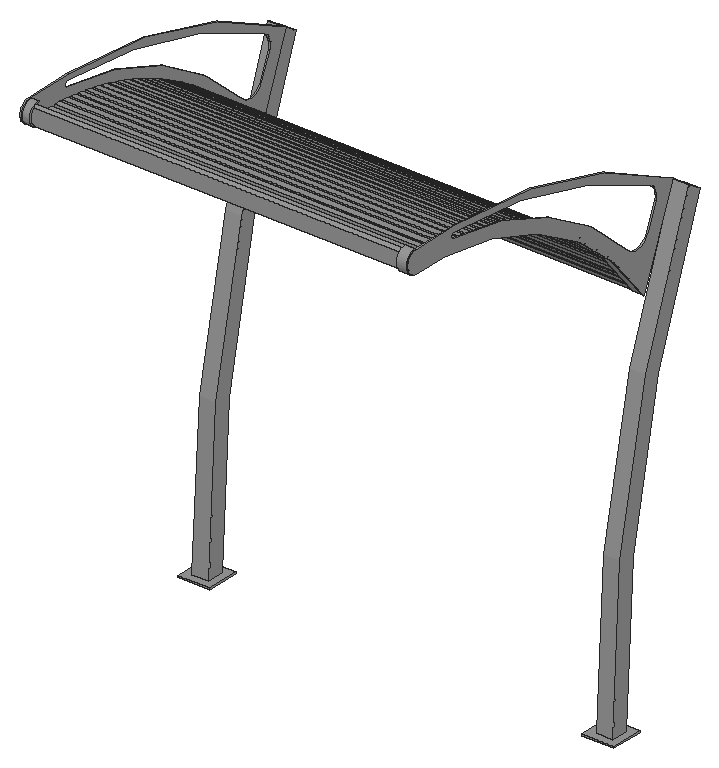
Revit family "Пергола «Волна» Арт 13020", category Антураж, Revit 2018
Family settings
  На основе рабочей плоскости = Нет
  Всегда вертикально = Да
  При загрузке вырезать с полостями = Нет
  Источник визуального образа = Геометрия семейства
  Общий = Нет
  Точка расчета площади = Нет
Parameters (values of type "Пергола «Волна»")
  Ширина = 2130 mm  # constant formula
  Цвет отделки = Дерево
  Цвет каркаса = Сталь
  Описание = "Пергола «Волна»"  # constant formula
  Материал изделия = "Сталь, дерево"  # constant formula
  Изображение типоразмера = Пергола «Волна» Арт 13020.png
  Изготовитель = "ООО «Хоббика»"  # constant formula
  Длина = 2600 mm  # constant formula
  Группа модели = "Навесы, перголы и ротонды"  # constant formula
  Высота = 3300 mm  # constant formula
  Артикул товара = "Арт. 13020"  # constant formula
  URL = "https://hobbyka.ru/product/pergola_volna/"
Reference planes
  plane 1 "По центру (Вперед/Назад)": y = 0
  plane 2: z = 0
  plane 3 "По центру (Влево/Вправо)": x = 0
  plane 4: y = 2130
  plane 5: x = 2600
  plane 6: z = 3300
Forms (mm)
  Extrusion 1, solid, material "Сталь" <- "Цвет каркаса"
    sketch origin (0, 0, 0) x (0, 1, 0) y (0, 0, 1)
      loop
        arc (2130, 2769.769) -> (2087.634, 2797.357) -> (2044.836, 2824.27) r 3188.561
        arc (2044.836, 2824.27) -> (1597.297, 1444.13) -> (1457.41, 0) r 6699.042
        line (1457.41, 0) -> (1557.418, 0)
        arc (1557.418, 0) -> (1693.575, 1415.921) -> (2130, 2769.769) r 6599.042
    from 0 to 100
  Extrusion 2, solid, material "Сталь" <- "Цвет каркаса"
    sketch origin (0, 0, 0) x (0, 1, 0) y (0, 0, 1)
      loop
        line (1457.41, 0) -> (1557.418, 0)
        arc (1557.418, 0) -> (1693.575, 1415.921) -> (2130, 2769.769) r 6599.042
        arc (2130, 2769.769) -> (2087.634, 2797.357) -> (2044.836, 2824.27) r 3188.561
        arc (2044.836, 2824.27) -> (1597.297, 1444.13) -> (1457.41, 0) r 6699.042
    from 2500 to 2600
  Extrusion 3, solid, material "Сталь" <- "Цвет каркаса"
    sketch origin (0, 0, 0) x (0, 1, 0) y (0, 0, 1)
      loop
        arc (68.64, 3300.227) -> (0, 3231.587) -> (68.64, 3162.948) r 68.64
        line (68.64, 3162.948) -> (284.517, 3162.948)
        arc (284.517, 3162.948) -> (1157.336, 2894.713) -> (1826.043, 2272.948) r 2042.422
        arc (1826.043, 2272.948) -> (1929.759, 2552.102) -> (2045.78, 2826.372) r 6699.042
        arc (2045.78, 2826.372) -> (1242.44, 3179.477) -> (373.269, 3300.227) r 3188.561
        line (373.269, 3300.227) -> (68.64, 3300.227)
      loop
        arc (1870.789, 2867.604) -> (1136.182, 3159.021) -> (354.286, 3273.95) r 3418.306
        arc (354.286, 3273.95) -> (334.286, 3253.95) -> (354.286, 3233.95) r 20
        arc (354.286, 3233.95) -> (1089.081, 3029.624) -> (1702.477, 2576.393) r 2100.423
        arc (1702.477, 2576.393) -> (1788.792, 2547.579) -> (1860.046, 2604.177) r 95.475
        line (1860.046, 2604.177) -> (1924.565, 2755.588)
        arc (1924.565, 2755.588) -> (1915.918, 2820.353) -> (1870.789, 2867.604) r 105.496
    from 100 to 110
  Extrusion 4, solid, material "Сталь" <- "Цвет каркаса"
    sketch origin (0, 0, 0) x (0, 1, 0) y (0, 0, 1)
      loop
        arc (68.64, 3300.227) -> (0, 3231.587) -> (68.64, 3162.948) r 68.64
        line (68.64, 3162.948) -> (284.517, 3162.948)
        arc (284.517, 3162.948) -> (1157.336, 2894.713) -> (1826.043, 2272.948) r 2042.422
        arc (1826.043, 2272.948) -> (1929.759, 2552.102) -> (2045.78, 2826.372) r 6699.042
        arc (2045.78, 2826.372) -> (1242.44, 3179.477) -> (373.269, 3300.227) r 3188.561
        line (373.269, 3300.227) -> (68.64, 3300.227)
      loop
        arc (1870.789, 2867.604) -> (1136.182, 3159.021) -> (354.286, 3273.95) r 3418.306
        arc (354.286, 3273.95) -> (334.286, 3253.95) -> (354.286, 3233.95) r 20
        arc (354.286, 3233.95) -> (1089.081, 3029.624) -> (1702.477, 2576.393) r 2100.423
        arc (1702.477, 2576.393) -> (1788.792, 2547.579) -> (1860.046, 2604.177) r 95.475
        line (1860.046, 2604.177) -> (1924.565, 2755.588)
        arc (1924.565, 2755.588) -> (1915.918, 2820.353) -> (1870.789, 2867.604) r 105.496
    from 2490 to 2500
  Extrusion 5, solid, material "Сталь" <- "Цвет каркаса"
    sketch origin (0, 0, 0) x (0, 1, 0) y (0, 0, 1)
      loop
        arc (1826.043, 2272.948) -> (1827.063, 2275.892) -> (1828.085, 2278.835) r 6699.042
        arc (1828.085, 2278.835) -> (1158.144, 2900.019) -> (284.699, 3167.948) r 2047.422
        line (284.699, 3167.948) -> (68.64, 3167.948)
        arc (68.64, 3167.948) -> (5, 3231.587) -> (68.64, 3295.227) r 63.64
        line (68.64, 3295.227) -> (68.64, 3300.227)
        arc (68.64, 3300.227) -> (0, 3231.587) -> (68.64, 3162.948) r 68.64
        line (68.64, 3162.948) -> (284.517, 3162.948)
        arc (284.517, 3162.948) -> (1157.336, 2894.713) -> (1826.043, 2272.948) r 2042.422
    from 110 to 160
  Extrusion 6, solid, material "Сталь" <- "Цвет каркаса"
    sketch origin (0, 0, 0) x (0, 1, 0) y (0, 0, 1)
      loop
        line (284.699, 3167.948) -> (68.64, 3167.948)
        arc (68.64, 3167.948) -> (5, 3231.587) -> (68.64, 3295.227) r 63.64
        line (68.64, 3295.227) -> (68.64, 3300.227)
        arc (68.64, 3300.227) -> (0, 3231.587) -> (68.64, 3162.948) r 68.64
        line (68.64, 3162.948) -> (284.517, 3162.948)
        arc (284.517, 3162.948) -> (1157.336, 2894.713) -> (1826.043, 2272.948) r 2042.422
        arc (1826.043, 2272.948) -> (1827.063, 2275.892) -> (1828.085, 2278.835) r 6699.042
        arc (1828.085, 2278.835) -> (1158.144, 2900.019) -> (284.699, 3167.948) r 2047.422
    from 2430 to 2490
  Extrusion 7, solid, material "Дерево" <- "Цвет отделки"
    sketch origin (0, 0, 0) x (0, 1, 0) y (0, 0, 1)
      loop
        arc (284.699, 3167.948) -> (286.669, 3167.804) -> (288.64, 3167.657) r 2047.422
        line (288.64, 3167.657) -> (288.64, 3187.713)
        arc (288.64, 3187.713) -> (287.032, 3187.831) -> (285.424, 3187.948) r 2067.422
        line (285.424, 3187.948) -> (248.64, 3187.948) -> (248.64, 3167.948) -> (284.699, 3167.948)
      loop
        line (405.427, 3155.558) -> (408.058, 3175.384)
        arc (408.058, 3175.384) -> (388.218, 3177.919) -> (368.355, 3180.261) r 2067.422
        line (368.355, 3180.261) -> (366.108, 3160.388)
        arc (366.108, 3160.388) -> (385.779, 3158.068) -> (405.427, 3155.558) r 2047.422
      loop
        arc (48.64, 3292.003) -> (38.147, 3287.446) -> (28.64, 3281.085) r 63.64
        line (28.64, 3281.085) -> (28.64, 3182.09)
        arc (28.64, 3182.09) -> (38.147, 3175.729) -> (48.64, 3171.172) r 63.64
        line (48.64, 3171.172) -> (48.64, 3292.003)
      loop
        line (68.64, 3187.948) -> (68.64, 3167.948) -> (108.64, 3167.948) -> (108.64, 3187.948) -> (68.64, 3187.948)
      loop
        line (128.64, 3187.948) -> (128.64, 3167.948) -> (168.64, 3167.948) -> (168.64, 3187.948) -> (128.64, 3187.948)
      loop
        line (188.64, 3187.948) -> (188.64, 3167.948) -> (228.64, 3167.948) -> (228.64, 3187.948) -> (188.64, 3187.948)
      loop
        arc (306.971, 3166.205) -> (326.701, 3164.457) -> (346.413, 3162.518) r 2047.422
        line (346.413, 3162.518) -> (348.468, 3182.412)
        arc (348.468, 3182.412) -> (328.563, 3184.37) -> (308.64, 3186.135) r 2067.422
        line (308.64, 3186.135) -> (306.971, 3166.205)
      loop
        line (464.214, 3146.887) -> (467.419, 3166.629)
        arc (467.419, 3166.629) -> (447.661, 3169.739) -> (427.874, 3172.657) r 2067.422
        line (427.874, 3172.657) -> (425.051, 3152.857)
        arc (425.051, 3152.857) -> (444.647, 3149.967) -> (464.214, 3146.887) r 2047.422
      loop
        line (522.724, 3136.515) -> (526.501, 3156.155)
        arc (526.501, 3156.155) -> (506.842, 3159.837) -> (487.147, 3163.328) r 2067.422
        line (487.147, 3163.328) -> (483.751, 3143.619)
        arc (483.751, 3143.619) -> (503.255, 3140.161) -> (522.724, 3136.515) r 2047.422
      loop
        line (580.909, 3124.449) -> (585.254, 3143.971)
        arc (585.254, 3143.971) -> (565.71, 3148.222) -> (546.125, 3152.283) r 2067.422
        line (546.125, 3152.283) -> (542.159, 3132.681)
        arc (542.159, 3132.681) -> (561.554, 3128.659) -> (580.909, 3124.449) r 2047.422
      loop
        line (638.719, 3110.7) -> (643.629, 3130.088)
        arc (643.629, 3130.088) -> (624.216, 3134.904) -> (604.758, 3139.532) r 2067.422
        line (604.758, 3139.532) -> (600.224, 3120.052)
        arc (600.224, 3120.052) -> (619.494, 3115.469) -> (638.719, 3110.7) r 2047.422
      loop
        line (696.106, 3095.278) -> (701.576, 3114.516)
        arc (701.576, 3114.516) -> (682.312, 3119.893) -> (662.996, 3125.084) r 2067.422
        line (662.996, 3125.084) -> (657.898, 3105.744)
        arc (657.898, 3105.744) -> (677.027, 3100.604) -> (696.106, 3095.278) r 2047.422
      loop
        line (753.021, 3078.198) -> (759.047, 3097.269)
        arc (759.047, 3097.269) -> (739.947, 3103.203) -> (720.79, 3108.952) r 2067.422
        line (720.79, 3108.952) -> (715.133, 3089.768)
        arc (715.133, 3089.768) -> (734.105, 3084.075) -> (753.021, 3078.198) r 2047.422
      loop
        line (809.416, 3059.474) -> (815.994, 3078.361)
        arc (815.994, 3078.361) -> (797.073, 3084.847) -> (778.091, 3091.15) r 2067.422
        line (778.091, 3091.15) -> (771.88, 3072.138)
        arc (771.88, 3072.138) -> (790.679, 3065.897) -> (809.416, 3059.474) r 2047.422
      loop
        line (865.245, 3039.12) -> (872.367, 3057.809)
        arc (872.367, 3057.809) -> (853.643, 3064.841) -> (834.852, 3071.692) r 2067.422
        line (834.852, 3071.692) -> (828.092, 3052.869)
        arc (828.092, 3052.869) -> (846.701, 3046.085) -> (865.245, 3039.12) r 2047.422
      loop
        line (920.459, 3017.155) -> (928.121, 3035.629)
        arc (928.121, 3035.629) -> (909.609, 3043.202) -> (891.024, 3050.595) r 2067.422
        line (891.024, 3050.595) -> (883.721, 3031.976)
        arc (883.721, 3031.976) -> (902.126, 3024.655) -> (920.459, 3017.155) r 2047.422
      loop
        line (975.012, 2993.597) -> (983.207, 3011.841)
        arc (983.207, 3011.841) -> (964.922, 3019.948) -> (946.56, 3027.877) r 2067.422
        line (946.56, 3027.877) -> (938.72, 3009.478)
        arc (938.72, 3009.478) -> (956.904, 3001.626) -> (975.012, 2993.597) r 2047.422
      loop
        line (1028.859, 2968.466) -> (1037.58, 2986.465)
        arc (1037.58, 2986.465) -> (1019.538, 2995.098) -> (1001.414, 3003.557) r 2067.422
        line (1001.414, 3003.557) -> (993.043, 2985.394)
        arc (993.043, 2985.394) -> (1010.992, 2977.017) -> (1028.859, 2968.466) r 2047.422
      loop
        line (1081.954, 2941.783) -> (1091.193, 2959.521)
        arc (1091.193, 2959.521) -> (1073.41, 2968.674) -> (1055.539, 2977.656) r 2067.422
        line (1055.539, 2977.656) -> (1046.644, 2959.743)
        arc (1046.644, 2959.743) -> (1064.342, 2950.848) -> (1081.954, 2941.783) r 2047.422
      loop
        line (1134.252, 2913.57) -> (1144.002, 2931.032)
        arc (1144.002, 2931.032) -> (1126.492, 2940.698) -> (1108.889, 2950.194) r 2067.422
        line (1108.889, 2950.194) -> (1099.478, 2932.547)
        arc (1099.478, 2932.547) -> (1116.911, 2923.143) -> (1134.252, 2913.57) r 2047.422
      loop
        line (1185.709, 2883.851) -> (1195.962, 2901.023)
        arc (1195.962, 2901.023) -> (1178.74, 2911.193) -> (1161.42, 2921.196) r 2067.422
        line (1161.42, 2921.196) -> (1151.501, 2903.829)
        arc (1151.501, 2903.829) -> (1168.653, 2893.923) -> (1185.709, 2883.851) r 2047.422
      loop
        line (1236.282, 2852.652) -> (1247.03, 2869.519)
        arc (1247.03, 2869.519) -> (1230.109, 2880.185) -> (1213.087, 2890.686) r 2067.422
        line (1213.087, 2890.686) -> (1202.668, 2873.614)
        arc (1202.668, 2873.614) -> (1219.526, 2863.214) -> (1236.282, 2852.652) r 2047.422
      loop
        line (1285.929, 2819.998) -> (1297.161, 2836.546)
        arc (1297.161, 2836.546) -> (1280.557, 2847.698) -> (1263.847, 2858.689) r 2067.422
        line (1263.847, 2858.689) -> (1252.937, 2841.927)
        arc (1252.937, 2841.927) -> (1269.486, 2831.042) -> (1285.929, 2819.998) r 2047.422
      loop
        line (1334.607, 2785.917) -> (1346.314, 2802.132)
        arc (1346.314, 2802.132) -> (1330.042, 2813.761) -> (1313.657, 2825.233) r 2067.422
        line (1313.657, 2825.233) -> (1302.265, 2808.794)
        arc (1302.265, 2808.794) -> (1318.491, 2797.434) -> (1334.607, 2785.917) r 2047.422
      loop
        line (1382.275, 2750.438) -> (1394.449, 2766.306)
        arc (1394.449, 2766.306) -> (1378.52, 2778.403) -> (1362.475, 2790.345) r 2067.422
        line (1362.475, 2790.345) -> (1350.611, 2774.244)
        arc (1350.611, 2774.244) -> (1366.501, 2762.417) -> (1382.275, 2750.438) r 2047.422
      loop
        line (1428.894, 2713.59) -> (1441.523, 2729.099)
        arc (1441.523, 2729.099) -> (1425.952, 2741.652) -> (1410.26, 2754.055) r 2067.422
        line (1410.26, 2754.055) -> (1397.934, 2738.305)
        arc (1397.934, 2738.305) -> (1413.474, 2726.022) -> (1428.894, 2713.59) r 2047.422
      loop
        line (1474.424, 2675.405) -> (1487.497, 2690.541)
        arc (1487.497, 2690.541) -> (1472.297, 2703.541) -> (1456.972, 2716.394) r 2067.422
        line (1456.972, 2716.394) -> (1444.194, 2701.008)
        arc (1444.194, 2701.008) -> (1459.371, 2688.28) -> (1474.424, 2675.405) r 2047.422
      loop
        line (1518.826, 2635.915) -> (1532.333, 2650.665)
        arc (1532.333, 2650.665) -> (1517.517, 2664.101) -> (1502.572, 2677.393) r 2067.422
        line (1502.572, 2677.393) -> (1489.352, 2662.384)
        arc (1489.352, 2662.384) -> (1504.153, 2649.221) -> (1518.826, 2635.915) r 2047.422
      loop
        line (1562.064, 2595.153) -> (1575.993, 2609.504)
        arc (1575.993, 2609.504) -> (1561.573, 2623.365) -> (1547.02, 2637.085) r 2067.422
        line (1547.02, 2637.085) -> (1533.371, 2622.466)
        arc (1533.371, 2622.466) -> (1547.783, 2608.879) -> (1562.064, 2595.153) r 2047.422
      loop
        line (1604.101, 2553.153) -> (1618.441, 2567.094)
        arc (1618.441, 2567.094) -> (1604.429, 2581.367) -> (1590.28, 2595.504) r 2067.422
        line (1590.28, 2595.504) -> (1576.212, 2581.288)
        arc (1576.212, 2581.288) -> (1590.224, 2567.288) -> (1604.101, 2553.153) r 2047.422
      loop
        line (1644.901, 2509.951) -> (1659.639, 2523.47)
        arc (1659.639, 2523.47) -> (1646.048, 2538.144) -> (1632.315, 2552.685) r 2067.422
        line (1632.315, 2552.685) -> (1617.84, 2538.883)
        arc (1617.84, 2538.883) -> (1631.441, 2524.483) -> (1644.901, 2509.951) r 2047.422
      loop
        line (1684.43, 2465.583) -> (1699.555, 2478.669)
        arc (1699.555, 2478.669) -> (1686.395, 2493.731) -> (1673.089, 2508.665) r 2067.422
        line (1673.089, 2508.665) -> (1658.221, 2495.289)
        arc (1658.221, 2495.289) -> (1671.397, 2480.499) -> (1684.43, 2465.583) r 2047.422
      loop
        line (1722.655, 2420.087) -> (1738.153, 2432.728)
        arc (1738.153, 2432.728) -> (1725.436, 2448.166) -> (1712.569, 2463.479) r 2067.422
        line (1712.569, 2463.479) -> (1697.319, 2450.54)
        arc (1697.319, 2450.54) -> (1710.06, 2435.375) -> (1722.655, 2420.087) r 2047.422
      loop
        line (1759.543, 2373.501) -> (1775.402, 2385.687)
        arc (1775.402, 2385.687) -> (1763.138, 2401.487) -> (1750.721, 2417.168) r 2067.422
        line (1750.721, 2417.168) -> (1735.102, 2404.677)
        arc (1735.102, 2404.677) -> (1747.398, 2389.148) -> (1759.543, 2373.501) r 2047.422
      loop
        line (1795.065, 2325.863) -> (1811.27, 2337.584)
        arc (1811.27, 2337.584) -> (1799.47, 2353.734) -> (1787.514, 2369.768) r 2067.422
        line (1787.514, 2369.768) -> (1771.538, 2357.735)
        arc (1771.538, 2357.735) -> (1783.378, 2341.856) -> (1795.065, 2325.863) r 2047.422
      loop
        line (1829.188, 2277.215) -> (1845.727, 2288.461)
        arc (1845.727, 2288.461) -> (1834.4, 2304.946) -> (1822.914, 2321.32) r 2067.422
        line (1822.914, 2321.32) -> (1806.596, 2309.757)
        arc (1806.596, 2309.757) -> (1817.971, 2293.541) -> (1829.188, 2277.215) r 2047.422
    from 110 to 2490
  Extrusion 8, solid, material "Сталь" <- "Цвет каркаса"
    sketch origin (0, 0, 0) x (1, 0, 0) y (0, 1, 0)
      loop
        line (150, 1407.41) -> (150, 1607.418) -> (-50, 1607.418) -> (-50, 1407.41) -> (150, 1407.41)
      loop
        line (2650, 1407.41) -> (2650, 1607.418) -> (2450, 1607.418) -> (2450, 1407.41) -> (2650, 1407.41)
    from 0 to 10
Cuts and joins
  joined: Extrusion 1, Extrusion 2, Extrusion 8
Dimensions and locks
  "Длина": plane 3 "По центру (Влево/Вправо)" to plane 5
  "Ширина": plane 1 "По центру (Вперед/Назад)" to plane 4
  "Высота": plane 6 to plane 2
  aligned and locked: level to plane 2
Automatic sketch dimensions
  Extrusion 1 sketch curve to Extrusion 1 sketch curve = 0 mm  (x2)
  level to Extrusion 1 sketch curve = 0 mm
  Extrusion 1 sketch curve to plane 4 = 0 mm
  Extrusion 1 sketch curve to plane 1 "По центру (Вперед/Назад)" = 1557.418 mm
  Extrusion 1 sketch curve to Extrusion 1 sketch curve = 100.007 mm
  level to Extrusion 1 sketch curve = 111.666 mm
  Extrusion 1 sketch curve to plane 1 "По центру (Вперед/Назад)" = 368.918 mm
  level to Extrusion 1 sketch curve = 79.977 mm
  plane 4 to Extrusion 1 sketch curve = 6025.974 mm
  Extrusion 2 sketch curve to Extrusion 2 sketch curve = 0 mm  (x2)
  level to Extrusion 2 sketch curve = 0 mm
  Extrusion 2 sketch curve to plane 4 = 0 mm
  Extrusion 2 sketch curve to plane 1 "По центру (Вперед/Назад)" = 1557.418 mm
  Extrusion 2 sketch curve to Extrusion 2 sketch curve = 100.007 mm
  level to Extrusion 2 sketch curve = 111.666 mm
  Extrusion 2 sketch curve to plane 1 "По центру (Вперед/Назад)" = 368.918 mm
  level to Extrusion 2 sketch curve = 79.977 mm
  plane 4 to Extrusion 2 sketch curve = 6025.974 mm
  Extrusion 3 sketch curve to plane 1 "По центру (Вперед/Назад)" = 68.64 mm
  Extrusion 3 sketch curve to plane 1 "По центру (Вперед/Назад)" = 136.125 mm
  Extrusion 3 sketch curve to Extrusion 3 sketch curve = 32.191 mm
  Extrusion 3 sketch curve to level = 142.81 mm
  Extrusion 3 sketch curve to plane 1 "По центру (Вперед/Назад)" = 251.46 mm
  Extrusion 3 sketch curve to Extrusion 3 sketch curve = 215.878 mm
  Extrusion 3 sketch curve to plane 6 = 46.05 mm
  Extrusion 3 sketch curve to Extrusion 3 sketch curve = 69.768 mm
  plane 6 to Extrusion 3 sketch curve = 0.227 mm
  Extrusion 3 sketch curve to Extrusion 3 sketch curve = 18.983 mm
  Extrusion 3 sketch curve to plane 4 = 357.787 mm
  Extrusion 3 sketch curve to Extrusion 3 sketch curve = 48.601 mm
  Extrusion 3 sketch curve to Extrusion 3 sketch curve = 87.834 mm
  Extrusion 3 sketch curve to Extrusion 3 sketch curve = 103.751 mm
  level to Extrusion 3 sketch curve = 79.977 mm
  plane 4 to Extrusion 3 sketch curve = 6025.974 mm
  level to Extrusion 3 sketch curve = 111.666 mm
  Extrusion 3 sketch curve to Extrusion 3 sketch curve = 1014.258 mm
  Extrusion 3 sketch curve to Extrusion 3 sketch curve = 15.852 mm
  Extrusion 3 sketch curve to plane 6 = 695.823 mm
  Extrusion 3 sketch curve to Extrusion 3 sketch curve = 37.427 mm
  Extrusion 3 sketch curve to Extrusion 3 sketch curve = 151.411 mm
  Extrusion 3 sketch curve to Extrusion 3 sketch curve = 19.108 mm
  Extrusion 3 sketch curve to Extrusion 3 sketch curve = 91.002 mm
  Extrusion 3 sketch curve to Extrusion 3 sketch curve = 0 mm
  Extrusion 3 sketch curve to plane 4 = 303.957 mm
  Extrusion 4 sketch curve to plane 1 "По центру (Вперед/Назад)" = 68.64 mm
  Extrusion 4 sketch curve to plane 1 "По центру (Вперед/Назад)" = 136.125 mm
  Extrusion 4 sketch curve to Extrusion 4 sketch curve = 32.191 mm
  Extrusion 4 sketch curve to level = 142.81 mm
  Extrusion 4 sketch curve to plane 1 "По центру (Вперед/Назад)" = 251.46 mm
  Extrusion 4 sketch curve to Extrusion 4 sketch curve = 215.878 mm
  Extrusion 4 sketch curve to plane 6 = 46.05 mm
  Extrusion 4 sketch curve to Extrusion 4 sketch curve = 69.768 mm
  plane 6 to Extrusion 4 sketch curve = 0.227 mm
  Extrusion 4 sketch curve to Extrusion 4 sketch curve = 18.983 mm
  Extrusion 4 sketch curve to plane 4 = 357.787 mm
  Extrusion 4 sketch curve to Extrusion 4 sketch curve = 48.601 mm
  Extrusion 4 sketch curve to Extrusion 4 sketch curve = 87.834 mm
  Extrusion 4 sketch curve to Extrusion 4 sketch curve = 103.751 mm
  level to Extrusion 4 sketch curve = 79.977 mm
  plane 4 to Extrusion 4 sketch curve = 6025.974 mm
  level to Extrusion 4 sketch curve = 111.666 mm
  Extrusion 4 sketch curve to Extrusion 4 sketch curve = 1014.258 mm
  Extrusion 4 sketch curve to Extrusion 4 sketch curve = 15.852 mm
  Extrusion 4 sketch curve to plane 6 = 695.823 mm
  Extrusion 4 sketch curve to Extrusion 4 sketch curve = 37.427 mm
  Extrusion 4 sketch curve to Extrusion 4 sketch curve = 151.411 mm
  Extrusion 4 sketch curve to Extrusion 4 sketch curve = 19.108 mm
  Extrusion 4 sketch curve to Extrusion 4 sketch curve = 91.002 mm
  Extrusion 4 sketch curve to Extrusion 4 sketch curve = 0 mm
  Extrusion 4 sketch curve to plane 4 = 303.957 mm
  Extrusion 5 sketch curve to Extrusion 5 sketch curve = 0 mm  (x3)
  Extrusion 5 sketch curve to plane 1 "По центру (Вперед/Назад)" = 68.64 mm
  Extrusion 5 sketch curve to plane 1 "По центру (Вперед/Назад)" = 136.125 mm
  Extrusion 5 sketch curve to plane 6 = 137.052 mm
  Extrusion 5 sketch curve to Extrusion 5 sketch curve = 215.878 mm
  Extrusion 5 sketch curve to Extrusion 5 sketch curve = 0.182 mm
  level to Extrusion 5 sketch curve = 1125.924 mm
  Extrusion 5 sketch curve to Extrusion 5 sketch curve = 5 mm
  Extrusion 5 sketch curve to plane 4 = 301.915 mm
  Extrusion 5 sketch curve to Extrusion 5 sketch curve = 2.043 mm
  Extrusion 5 sketch curve to Extrusion 5 sketch curve = 63.64 mm
  level to Extrusion 5 sketch curve = 79.977 mm
  Extrusion 6 sketch curve to Extrusion 6 sketch curve = 0 mm  (x4)
  Extrusion 6 sketch curve to plane 1 "По центру (Вперед/Назад)" = 68.64 mm
  Extrusion 6 sketch curve to plane 1 "По центру (Вперед/Назад)" = 136.125 mm
  Extrusion 6 sketch curve to plane 6 = 137.052 mm
  Extrusion 6 sketch curve to Extrusion 6 sketch curve = 215.878 mm
  Extrusion 6 sketch curve to Extrusion 6 sketch curve = 0.182 mm
  level to Extrusion 6 sketch curve = 79.977 mm
  plane 4 to Extrusion 6 sketch curve = 6025.974 mm
  level to Extrusion 6 sketch curve = 1125.924 mm
  Extrusion 6 sketch curve to Extrusion 6 sketch curve = 5 mm
  Extrusion 6 sketch curve to Extrusion 6 sketch curve = 63.64 mm
  Extrusion 6 sketch curve to plane 4 = 303.957 mm
  Extrusion 7 sketch curve to Extrusion 7 sketch curve = 0 mm  (x134)
  Extrusion 7 sketch curve to Extrusion 7 sketch curve = 40 mm  (x3)
  Extrusion 7 sketch curve to Extrusion 7 sketch curve = 20 mm  (x5)
  Extrusion 7 sketch curve to plane 1 "По центру (Вперед/Назад)" = 136.125 mm
  Extrusion 7 sketch curve to Extrusion 7 sketch curve = 36.06 mm
  Extrusion 7 sketch curve to Extrusion 7 sketch curve = 0.725 mm
  Extrusion 7 sketch curve to Extrusion 7 sketch curve = 3.94 mm
  Extrusion 7 sketch curve to plane 6 = 133.795 mm
  Extrusion 7 sketch curve to Extrusion 7 sketch curve = 18.331 mm
  Extrusion 7 sketch curve to plane 6 = 113.865 mm
  Extrusion 7 sketch curve to Extrusion 7 sketch curve = 1.669 mm
  Extrusion 7 sketch curve to plane 6 = 137.482 mm
  Extrusion 7 sketch curve to Extrusion 7 sketch curve = 39.442 mm
  Extrusion 7 sketch curve to plane 6 = 117.588 mm
  Extrusion 7 sketch curve to plane 6 = 139.612 mm
  Extrusion 7 sketch curve to Extrusion 7 sketch curve = 19.694 mm
  Extrusion 7 sketch curve to plane 6 = 119.739 mm
  Extrusion 7 sketch curve to Extrusion 7 sketch curve = 2.247 mm
  Extrusion 7 sketch curve to plane 6 = 144.442 mm
  Extrusion 7 sketch curve to plane 6 = 124.616 mm
  Extrusion 7 sketch curve to plane 6 = 147.143 mm
  Extrusion 7 sketch curve to Extrusion 7 sketch curve = 19.624 mm
  Extrusion 7 sketch curve to plane 6 = 127.343 mm
  Extrusion 7 sketch curve to Extrusion 7 sketch curve = 2.823 mm
  Extrusion 7 sketch curve to plane 6 = 153.113 mm
  Extrusion 7 sketch curve to plane 6 = 133.371 mm
  Extrusion 7 sketch curve to plane 6 = 156.381 mm
  Extrusion 7 sketch curve to Extrusion 7 sketch curve = 19.538 mm
  Extrusion 7 sketch curve to plane 6 = 136.672 mm
  Extrusion 7 sketch curve to Extrusion 7 sketch curve = 3.396 mm
  Extrusion 7 sketch curve to plane 6 = 163.485 mm
  Extrusion 7 sketch curve to plane 6 = 143.845 mm
  Extrusion 7 sketch curve to plane 6 = 167.319 mm
  Extrusion 7 sketch curve to Extrusion 7 sketch curve = 19.435 mm
  Extrusion 7 sketch curve to plane 6 = 147.717 mm
  Extrusion 7 sketch curve to Extrusion 7 sketch curve = 3.967 mm
  Extrusion 7 sketch curve to plane 6 = 175.551 mm
  Extrusion 7 sketch curve to plane 6 = 156.029 mm
  Extrusion 7 sketch curve to plane 6 = 179.948 mm
  Extrusion 7 sketch curve to Extrusion 7 sketch curve = 19.315 mm
  Extrusion 7 sketch curve to plane 6 = 160.468 mm
  Extrusion 7 sketch curve to Extrusion 7 sketch curve = 4.534 mm
  Extrusion 7 sketch curve to plane 6 = 189.3 mm
  Extrusion 7 sketch curve to plane 6 = 169.912 mm
  Extrusion 7 sketch curve to plane 6 = 194.256 mm
  Extrusion 7 sketch curve to Extrusion 7 sketch curve = 19.179 mm
  Extrusion 7 sketch curve to plane 6 = 174.916 mm
  Extrusion 7 sketch curve to Extrusion 7 sketch curve = 5.097 mm
  Extrusion 7 sketch curve to plane 6 = 204.722 mm
  Extrusion 7 sketch curve to plane 6 = 185.484 mm
  Extrusion 7 sketch curve to plane 6 = 210.232 mm
  Extrusion 7 sketch curve to Extrusion 7 sketch curve = 19.027 mm
  Extrusion 7 sketch curve to plane 6 = 191.048 mm
  Extrusion 7 sketch curve to Extrusion 7 sketch curve = 5.656 mm
  Extrusion 7 sketch curve to plane 6 = 221.802 mm
  Extrusion 7 sketch curve to plane 6 = 202.731 mm
  Extrusion 7 sketch curve to plane 6 = 227.862 mm
  Extrusion 7 sketch curve to Extrusion 7 sketch curve = 18.86 mm
  Extrusion 7 sketch curve to plane 6 = 208.85 mm
  Extrusion 7 sketch curve to Extrusion 7 sketch curve = 6.211 mm
  Extrusion 7 sketch curve to plane 6 = 240.526 mm
  Extrusion 7 sketch curve to plane 6 = 221.639 mm
  Extrusion 7 sketch curve to plane 6 = 247.131 mm
  Extrusion 7 sketch curve to Extrusion 7 sketch curve = 18.676 mm
  Extrusion 7 sketch curve to plane 6 = 228.308 mm
  Extrusion 7 sketch curve to Extrusion 7 sketch curve = 6.76 mm
  Extrusion 7 sketch curve to plane 6 = 260.88 mm
  Extrusion 7 sketch curve to plane 6 = 242.191 mm
  Extrusion 7 sketch curve to plane 6 = 268.024 mm
  Extrusion 7 sketch curve to Extrusion 7 sketch curve = 18.476 mm
  Extrusion 7 sketch curve to plane 6 = 249.405 mm
  Extrusion 7 sketch curve to Extrusion 7 sketch curve = 7.303 mm
  Extrusion 7 sketch curve to plane 6 = 282.845 mm
  Extrusion 7 sketch curve to plane 6 = 264.371 mm
  Extrusion 7 sketch curve to plane 6 = 290.522 mm
  Extrusion 7 sketch curve to Extrusion 7 sketch curve = 18.261 mm
  Extrusion 7 sketch curve to plane 6 = 272.123 mm
  Extrusion 7 sketch curve to Extrusion 7 sketch curve = 7.841 mm
  Extrusion 7 sketch curve to plane 6 = 306.403 mm
  Extrusion 7 sketch curve to plane 6 = 288.159 mm
  Extrusion 7 sketch curve to plane 6 = 314.606 mm
  Extrusion 7 sketch curve to Extrusion 7 sketch curve = 18.031 mm
  Extrusion 7 sketch curve to plane 6 = 296.443 mm
  Extrusion 7 sketch curve to Extrusion 7 sketch curve = 8.371 mm
  Extrusion 7 sketch curve to plane 6 = 331.534 mm
  Extrusion 7 sketch curve to plane 6 = 313.535 mm
  Extrusion 7 sketch curve to plane 6 = 340.257 mm
  Extrusion 7 sketch curve to Extrusion 7 sketch curve = 17.785 mm
  Extrusion 7 sketch curve to plane 6 = 322.344 mm
  Extrusion 7 sketch curve to Extrusion 7 sketch curve = 8.895 mm
  Extrusion 7 sketch curve to plane 6 = 358.217 mm
  Extrusion 7 sketch curve to plane 6 = 340.479 mm
  Extrusion 7 sketch curve to plane 6 = 367.453 mm
  Extrusion 7 sketch curve to Extrusion 7 sketch curve = 17.524 mm
  Extrusion 7 sketch curve to plane 6 = 349.806 mm
  Extrusion 7 sketch curve to Extrusion 7 sketch curve = 9.411 mm
  Extrusion 7 sketch curve to plane 6 = 386.43 mm
  Extrusion 7 sketch curve to plane 6 = 368.968 mm
  Extrusion 7 sketch curve to plane 6 = 396.171 mm
  Extrusion 7 sketch curve to Extrusion 7 sketch curve = 17.249 mm
  Extrusion 7 sketch curve to plane 6 = 378.804 mm
  Extrusion 7 sketch curve to Extrusion 7 sketch curve = 9.919 mm
  Extrusion 7 sketch curve to plane 6 = 416.149 mm
  Extrusion 7 sketch curve to plane 6 = 398.977 mm
  Extrusion 7 sketch curve to plane 6 = 426.386 mm
  Extrusion 7 sketch curve to Extrusion 7 sketch curve = 16.959 mm
  Extrusion 7 sketch curve to plane 6 = 409.314 mm
  Extrusion 7 sketch curve to Extrusion 7 sketch curve = 10.419 mm
  Extrusion 7 sketch curve to plane 6 = 447.348 mm
  Extrusion 7 sketch curve to plane 6 = 430.481 mm
  Extrusion 7 sketch curve to Extrusion 7 sketch curve = 16.655 mm
  Extrusion 7 sketch curve to Extrusion 7 sketch curve = 10.91 mm
  Extrusion 7 sketch curve to Extrusion 7 sketch curve = 32.992 mm
  Extrusion 7 sketch curve to Extrusion 7 sketch curve = 11.232 mm
  Extrusion 7 sketch curve to Extrusion 7 sketch curve = 16.336 mm
  Extrusion 7 sketch curve to Extrusion 7 sketch curve = 11.392 mm
  Extrusion 7 sketch curve to Extrusion 7 sketch curve = 32.342 mm
  Extrusion 7 sketch curve to Extrusion 7 sketch curve = 11.708 mm
  Extrusion 7 sketch curve to Extrusion 7 sketch curve = 16.004 mm
  Extrusion 7 sketch curve to Extrusion 7 sketch curve = 11.864 mm
  Extrusion 7 sketch curve to Extrusion 7 sketch curve = 31.664 mm
  Extrusion 7 sketch curve to Extrusion 7 sketch curve = 12.173 mm
  Extrusion 7 sketch curve to Extrusion 7 sketch curve = 15.659 mm
  Extrusion 7 sketch curve to Extrusion 7 sketch curve = 12.326 mm
  Extrusion 7 sketch curve to Extrusion 7 sketch curve = 30.96 mm
  Extrusion 7 sketch curve to Extrusion 7 sketch curve = 12.629 mm
  Extrusion 7 sketch curve to Extrusion 7 sketch curve = 15.3 mm
  Extrusion 7 sketch curve to Extrusion 7 sketch curve = 12.778 mm
  Extrusion 7 sketch curve to Extrusion 7 sketch curve = 30.23 mm
  Extrusion 7 sketch curve to Extrusion 7 sketch curve = 13.073 mm
  Extrusion 7 sketch curve to Extrusion 7 sketch curve = 14.929 mm
  Extrusion 7 sketch curve to Extrusion 7 sketch curve = 13.219 mm
  Extrusion 7 sketch curve to Extrusion 7 sketch curve = 29.474 mm
  Extrusion 7 sketch curve to Extrusion 7 sketch curve = 13.507 mm
  Extrusion 7 sketch curve to Extrusion 7 sketch curve = 14.545 mm
  Extrusion 7 sketch curve to Extrusion 7 sketch curve = 13.649 mm
  Extrusion 7 sketch curve to Extrusion 7 sketch curve = 28.693 mm
  Extrusion 7 sketch curve to Extrusion 7 sketch curve = 13.929 mm
  Extrusion 7 sketch curve to Extrusion 7 sketch curve = 14.148 mm
  Extrusion 7 sketch curve to Extrusion 7 sketch curve = 14.068 mm
  Extrusion 7 sketch curve to Extrusion 7 sketch curve = 27.888 mm
  Extrusion 7 sketch curve to Extrusion 7 sketch curve = 13.74 mm
  Extrusion 7 sketch curve to Extrusion 7 sketch curve = 14.34 mm
  Extrusion 7 sketch curve to Extrusion 7 sketch curve = 14.474 mm
  Extrusion 7 sketch curve to Extrusion 7 sketch curve = 27.06 mm
  Extrusion 7 sketch curve to Extrusion 7 sketch curve = 13.32 mm
  Extrusion 7 sketch curve to Extrusion 7 sketch curve = 14.739 mm
  Extrusion 7 sketch curve to Extrusion 7 sketch curve = 14.869 mm
  Extrusion 7 sketch curve to Extrusion 7 sketch curve = 26.209 mm
  Extrusion 7 sketch curve to Extrusion 7 sketch curve = 12.889 mm
  Extrusion 7 sketch curve to Extrusion 7 sketch curve = 15.125 mm
  Extrusion 7 sketch curve to Extrusion 7 sketch curve = 15.251 mm
  Extrusion 7 sketch curve to Extrusion 7 sketch curve = 25.336 mm
  Extrusion 7 sketch curve to Extrusion 7 sketch curve = 12.447 mm
  Extrusion 7 sketch curve to Extrusion 7 sketch curve = 15.498 mm
  Extrusion 7 sketch curve to Extrusion 7 sketch curve = 15.62 mm
  Extrusion 7 sketch curve to Extrusion 7 sketch curve = 24.442 mm
  Extrusion 7 sketch curve to Extrusion 7 sketch curve = 11.994 mm
  Extrusion 7 sketch curve to Extrusion 7 sketch curve = 15.858 mm
  Extrusion 7 sketch curve to Extrusion 7 sketch curve = 15.976 mm
  Extrusion 7 sketch curve to Extrusion 7 sketch curve = 23.527 mm
  Extrusion 7 sketch curve to Extrusion 7 sketch curve = 11.532 mm
  Extrusion 7 sketch curve to Extrusion 7 sketch curve = 16.205 mm
  Extrusion 7 sketch curve to Extrusion 7 sketch curve = 16.318 mm
  Extrusion 7 sketch curve to Extrusion 7 sketch curve = 22.592 mm
  Extrusion 7 sketch curve to Extrusion 7 sketch curve = 16.539 mm
  Extrusion 7 sketch curve to Extrusion 7 sketch curve = 575.437 mm
  Extrusion 7 sketch curve to Extrusion 7 sketch curve = 11.246 mm
  Extrusion 7 sketch curve to Extrusion 7 sketch curve = 16.107 mm
  Extrusion 7 sketch curve to Extrusion 7 sketch curve = 11.721 mm
  Extrusion 7 sketch curve to Extrusion 7 sketch curve = 15.765 mm
  Extrusion 7 sketch curve to Extrusion 7 sketch curve = 12.186 mm
  Extrusion 7 sketch curve to Extrusion 7 sketch curve = 15.41 mm
  Extrusion 7 sketch curve to Extrusion 7 sketch curve = 12.641 mm
  Extrusion 7 sketch curve to Extrusion 7 sketch curve = 15.043 mm
  Extrusion 7 sketch curve to Extrusion 7 sketch curve = 13.086 mm
  Extrusion 7 sketch curve to Extrusion 7 sketch curve = 14.662 mm
  Extrusion 7 sketch curve to Extrusion 7 sketch curve = 13.519 mm
  Extrusion 7 sketch curve to Extrusion 7 sketch curve = 14.27 mm
  Extrusion 7 sketch curve to Extrusion 7 sketch curve = 13.941 mm
  Extrusion 7 sketch curve to Extrusion 7 sketch curve = 13.865 mm
  Extrusion 7 sketch curve to Extrusion 7 sketch curve = 14.352 mm
  Extrusion 7 sketch curve to Extrusion 7 sketch curve = 13.448 mm
  Extrusion 7 sketch curve to Extrusion 7 sketch curve = 14.75 mm
  Extrusion 7 sketch curve to Extrusion 7 sketch curve = 13.021 mm
  Extrusion 7 sketch curve to Extrusion 7 sketch curve = 15.136 mm
  Extrusion 7 sketch curve to Extrusion 7 sketch curve = 12.582 mm
  Extrusion 7 sketch curve to Extrusion 7 sketch curve = 15.509 mm
  Extrusion 7 sketch curve to Extrusion 7 sketch curve = 12.133 mm
  Extrusion 7 sketch curve to Extrusion 7 sketch curve = 15.869 mm
  Extrusion 7 sketch curve to Extrusion 7 sketch curve = 11.673 mm
  Extrusion 7 sketch curve to Extrusion 7 sketch curve = 16.215 mm
  Extrusion 7 sketch curve to Extrusion 7 sketch curve = 11.204 mm
  Extrusion 7 sketch curve to Extrusion 7 sketch curve = 16.548 mm
  Extrusion 7 sketch curve to Extrusion 7 sketch curve = 1.452 mm
  Extrusion 7 sketch curve to Extrusion 7 sketch curve = 20.055 mm
  Extrusion 7 sketch curve to plane 6 = 18.915 mm
  Extrusion 7 sketch curve to plane 6 = 7.997 mm
  Extrusion 8 sketch curve to plane 3 "По центру (Влево/Вправо)" = 50 mm
  plane 3 "По центру (Влево/Вправо)" to Extrusion 8 sketch curve = 150 mm
  Extrusion 8 sketch curve to plane 4 = 722.59 mm  (x2)
  Extrusion 8 sketch curve to Extrusion 8 sketch curve = 200.007 mm  (x2)
  plane 5 to Extrusion 8 sketch curve = 50 mm
  Extrusion 8 sketch curve to plane 5 = 150 mm
  Extrusion 7 sketch curve to Extrusion 7 sketch curve = 7.485 mm
  Extrusion 7 sketch curve to Extrusion 7 sketch curve = 3.224 mm
  Extrusion 7 sketch curve to Extrusion 7 sketch curve = 10.918 mm
